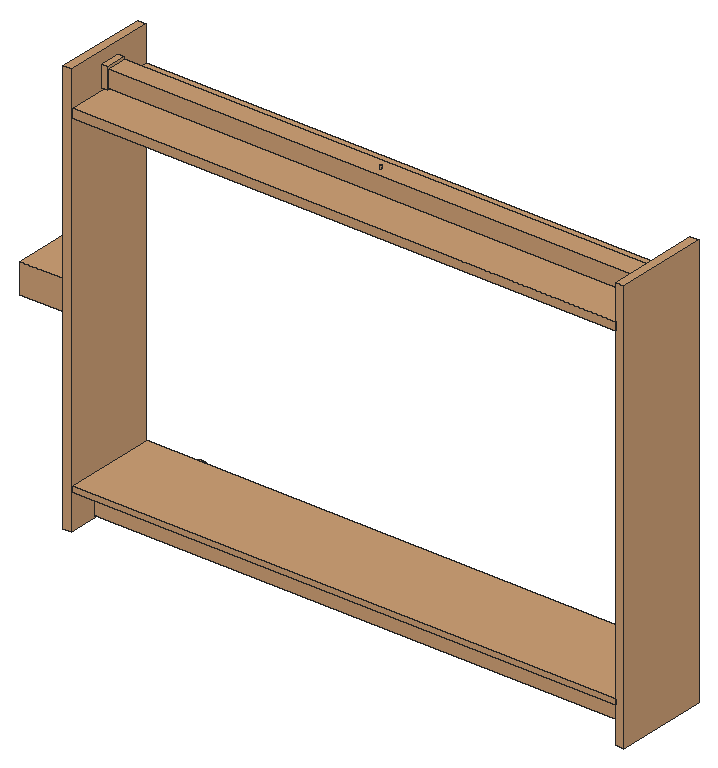
Revit family
Parameters
  Center of Unit = 0' - 0"  # constant formula
  Total Heating Capacity [instance] = 0.0 Btu/h
  Series = "VIFB"
  Outlet Area = 69.60 SF
  Lower Frame Thickness = if(Headers Height = 0' 3", 0' 1 1/4", if(Headers Height = 0' 3 1/4", 0' 1 1/4", 0' 0"))  # 0' - 1 1/4"
  Water Pressure Drop [instance] = 0.00 psi
  Water Flow [instance] = 0 GPM
  Unit Weight (lbs) = 1798
  URL = "http://www.ljwing.com/"
  Water Outlet Radius = 0' - 1 1/2"
  Headers Height = if(M = 0' 1", 0' 3", if(M = 0' 1 1/2", 0' 3 1/4", 0' 0"))  # 0' - 3 1/4"
  Number of Rows = 2  # constant formula
  Number of Coils [instance] = 0
  Nominal Length = 11' - 0 5/8"
  N = 1' - 0 3/4"
  Model = "VE-12W"
  Manufacturer = "LJ Wing"
  M = 0' - 1 1/2"
  Leaving Water Temperature [instance] = 0 °F
  Leaving Air Temperature [instance] = 0 °F
  Entering Water Temperature [instance] = 0 °F
  Entering Air Temperature [instance] = 0 °F
  Description = "Vertical Integral Face & Bypass Water Heating Coils"
  Hot Water Inlet  Radius = 0' - 1 1/2"
  Coil Face Area = Outlet Area * 0.56  # 38.976 SF
  Casing Material = ""
  Assembly Code = "D3020300"
  Air Vent Radius = 0' - 0 1/4"
  Air Pressure Drop [instance] = 0.00 in-wg
  Air Inlet Width = Nominal Length - 0' 4"  # 10' - 8 5/8"
  Air Inlet Height = Y  # 6' - 6"
  Air Flow [instance] = 0 CFM
  Y = 6' - 6"
  S = 0' - 9 3/4"  # constant formula
  Product URL = "http://www.ljwing.com/html/vifb.asp"
  OmniClass = "23-75 70 21 14 "
  Nominal Height = 8' - 2"
  Nominal Depth = 1' - 10"
  R = 0' - 10 1/4"  # constant formula
  Q = 0' - 3 5/16"
Reference planes (in)
  plane 1 "Center (Front/Back)": y = 0
  plane 2: z = -39
  plane 3 "Center (Left/Right)": x = 0
  plane 4: z = 49.25
  plane 5: x = -66.3125
  plane 6: x = 66.3125
  plane 7: z = -48.75
  plane 8: z = 0
  plane 9: y = -11
  plane 10: y = 11
  plane 11: z = 39
  plane 12: z = 41
  plane 13: z = -40.25
  plane 14: x = 64.3125
  plane 15: x = -64.3125
  plane 16: x = -63
  plane 17: x = 63
  plane 18: y = 14.0625
  plane 19: x = -77.3125
  plane 20: z = 46.125
  plane 21: z = 42.125
  plane 22: y = -2.5
  plane 23: y = 2.5
  plane 24: y = -4.5
  plane 25: z = -46.375
  plane 26: x = -53.5625
  plane 27: x = 53.5625
  plane 28: z = -42.375
Forms (in)
  Extrusion 1, solid, material "Painted Finish"
    sketch origin (0, 6, -9.75) x (1, 0, 0) y (0, 0, 1)
      loop
        line (-66.3125, -39) -> (-64.3125, -39) -> (-64.3125, 59) -> (-66.3125, 59) -> (-66.3125, -39)
      loop
        line (66.3125, -39) -> (66.3125, 59) -> (64.3125, 59) -> (64.3125, -39) -> (66.3125, -39)
    from -5 to 17
  Extrusion 2, solid, material "Painted Finish"
    sketch origin (0, 6, 0) x (1, 0, 0) y (0, 0, 1)
      loop
        line (64.3125, -39) -> (-64.3125, -39) -> (-64.3125, -40.25) -> (64.3125, -40.25) -> (64.3125, -39)
      loop
        line (64.3125, 39) -> (64.3125, 41) -> (-64.3125, 41) -> (-64.3125, 39) -> (64.3125, 39)
    from -5 to 17
  Extrusion 3, solid, material "Painted Finish"
    sketch origin (0, 10, -0.5) x (1, 0, 0) y (0, 0, 1)
      loop
        line (-66.3125, 4) -> (-77.3125, 4) -> (-77.3125, -3) -> (-66.3125, -3) -> (-66.3125, 4)
    from 0 to 20
  Extrusion 4, solid, material "Painted Finish"
    sketch origin (0, 6, 0) x (1, 0, 0) y (0, 0, 1)
      loop
        line (-62.6875, 46.125) -> (-62.6875, 42.125) -> (62.6875, 42.125) -> (62.6875, 46.125) -> (-62.6875, 46.125)
    from 3.5 to 8.5
  Extrusion 5, solid, material "Painted Finish"
    sketch origin (0, 0, 0) x (1, 0, 0) y (0, 0, 1)
      loop
        line (-62.6875, 41.625) -> (-62.6875, 46.625) -> (-64.3125, 46.625) -> (-64.3125, 41.625) -> (-62.6875, 41.625)
      loop
        line (64.3125, 41.625) -> (64.3125, 46.625) -> (62.6875, 46.625) -> (62.6875, 41.625) -> (64.3125, 41.625)
    from -2.5 to 2.5
  Extrusion 6, solid, material "Painted Finish"
    sketch origin (0, 6, 0) x (1, 0, 0) y (0, 0, 1)
      loop
        line (-63.8125, -40.75) -> (-63.8125, -40.5) -> (-64.3125, -40.5) -> (-64.3125, -44.25) -> (-63.8125, -44.25) -> (-63.8125, -44) -> (63.8125, -44) -> (63.8125, -44.25) -> (64.3125, -44.25) -> (64.3125, -40.5) -> (63.8125, -40.5) -> (63.8125, -40.75) -> (-63.8125, -40.75)
      loop
        line (63.8125, -48) -> (63.8125, -48.125) -> (64.3125, -48.125) -> (64.3125, -44.5) -> (63.8125, -44.5) -> (63.8125, -44.75) -> (-63.8125, -44.75) -> (-63.8125, -44.5) -> (-64.3125, -44.5) -> (-64.3125, -48.25) -> (-63.8125, -48.25) -> (-63.8125, -48) -> (63.8125, -48)
    from -5 to 10.5
  Extrusion 7, void
    sketch origin (0, 0, 0) x (1, 0, 0) y (0, 0, 1)
      loop
        line (-64.3125, 39) -> (-64.3125, -39) -> (64.3125, -39) -> (64.3125, 39) -> (-64.3125, 39)
    from -11 to 11
  Extrusion 8, solid, material "Painted Finish"
    sketch origin (0, 0, 0) x (1, 0, 0) y (0, 0, 1)
      loop
        circle (53.5625, -46.375) r 1.5
      loop
        circle (-53.5625, -42.375) r 1.5
    from -14.0625 to -11
  Extrusion 9, solid, material "Painted Finish"
    sketch origin (0, 0, 0) x (1, 0, 0) y (0, 1, 0)
      loop
        circle (0, 0) r 0.25
    from 46.125 to 46.625
Cuts and joins
  Extrusion 7 cuts Extrusion 1
  Extrusion 7 cuts Extrusion 2
Dimensions and locks (in)
  "Nominal Length": plane 6 to plane 5
  equal spacing: plane 6, plane 3 "Center (Left/Right)", plane 5
  "S": plane 2 to plane 7
  "Nominal Depth": plane 10 to plane 9
  equal spacing: plane 10, plane 1 "Center (Front/Back)", plane 9
  "Y": plane 11 to plane 2
  "R": plane 4 to plane 11
  locked: plane 12 to plane 11 at 2
  "Lower Frame Thickness": plane 2 to plane 13
  "Q": plane 16 to plane 5
  "Q": plane 6 to plane 17
  locked: plane 18 to plane 10 at 3.0625
  locked: plane 5 to plane 19 at 11
  locked: Extrusion 3 sketch curve to Extrusion 3 sketch curve at 7
  locked: Extrusion 3 to Extrusion 3 at 20
  locked: plane 6 to plane 14 at 2
  locked: plane 15 to plane 5 at 2
  locked: Extrusion 5 sketch curve to plane 20 at 0.5
  locked: plane 21 to Extrusion 5 sketch curve at 0.5
  locked: plane 20 to plane 21 at 4
  locked: plane 23 to plane 22 at 5
  equal spacing: plane 23, plane 1 "Center (Front/Back)", plane 22
  locked: plane 22 to plane 24 at 2
  plane 4 to plane 7 = 8' - 2"
  locked: Extrusion 5 sketch curve to Extrusion 1 at 1.625
  locked: Extrusion 5 sketch curve to Extrusion 5 sketch curve at 1.625
  locked: Extrusion 7 sketch curve to plane 11 at 0
  locked: Extrusion 7 sketch curve to plane 15 at 0
  locked: Extrusion 7 sketch curve to plane 14 at 0
  locked: plane 15 to Extrusion 6 sketch curve at 0.5
  locked: Extrusion 6 sketch curve to Extrusion 6 sketch curve at 0.25  (x2)
  locked: plane 25 to plane 7 at 2.375
  "N": plane 26 to plane 5
  "N": plane 6 to plane 27
  locked: plane 28 to plane 7 at 6.375
  "Headers Height": Extrusion 6 sketch curve to Extrusion 6 sketch curve  (x2)
  locked: Extrusion 8 sketch curve to plane 25 at 0
  locked: Extrusion 8 sketch curve to plane 28 at 0
  locked: Extrusion 9 sketch curve to plane 1 "Center (Front/Back)" at 0
  locked: Extrusion 9 sketch curve to plane 3 "Center (Left/Right)" at 0
  equal spacing: Extrusion 6 sketch curve, plane 28, Extrusion 6 sketch curve
  equal spacing: Extrusion 6 sketch curve, plane 25, Extrusion 6 sketch curve
  locked: plane 4 to plane 20 at 3.125
  locked: Extrusion 7 sketch curve to plane 2 at 0
  equal spacing: plane 11, plane 8, plane 2
  locked: Extrusion 8 sketch curve to plane 27 at 0
  locked: Extrusion 8 sketch curve to plane 26 at 0
  "M": radius of Extrusion 8 sketch curve  (x2)
  "Air Vent Radius": radius of Extrusion 9 sketch curve
  aligned and locked: Extrusion 1 to plane 9
  aligned and locked: Extrusion 1 to plane 10
  aligned and locked: Extrusion 1 to plane 15
  aligned and locked: Extrusion 1 to plane 14
  aligned and locked: Extrusion 2 to plane 9
  aligned and locked: plane 9 to Extrusion 1
  aligned and locked: plane 10 to Extrusion 1  (x2)
  aligned and locked: Extrusion 2 to plane 10
  aligned and locked: plane 10 to Extrusion 2  (x2)
  aligned and locked: plane 9 to Extrusion 2  (x2)
  aligned and locked: plane 5 to Extrusion 3
  aligned and locked: Extrusion 5 sketch curve to plane 15
  aligned and locked: Extrusion 5 sketch curve to Extrusion 4
  aligned and locked: Extrusion 1 to Extrusion 6
  aligned and locked: plane 22 to Extrusion 5
  aligned and locked: Extrusion 5 to Extrusion 4  (x2)
  aligned and locked: Extrusion 5 to plane 23
  aligned and locked: Extrusion 6 to plane 24
  aligned and locked: Extrusion 4 to Extrusion 5  (x2)
  aligned and locked: Extrusion 5 to Extrusion 1  (x2)
  aligned and locked: Extrusion 1 to Extrusion 7  (x2)
  aligned and locked: plane 18 to Extrusion 8
  aligned and locked: Extrusion 8 to plane 10
  aligned and locked: plane 20 to Extrusion 9
  aligned and locked: Extrusion 9 to Extrusion 5
  aligned and locked: plane 2 to cut or joined group of Extrusion 2, Extrusion 7
  aligned and locked: Extrusion 1 sketch curve to plane 6
  aligned and locked: Extrusion 1 sketch curve to plane 14
  aligned and locked: Extrusion 1 sketch curve to plane 15
  aligned and locked: Extrusion 1 sketch curve to plane 5
  aligned and locked: plane 4 to Extrusion 1 sketch curve
  aligned and locked: Extrusion 1 sketch curve to plane 4
  aligned and locked: plane 7 to Extrusion 1 sketch curve
  aligned and locked: Extrusion 1 sketch curve to plane 7
  aligned and locked: Extrusion 2 sketch curve to plane 11
  aligned and locked: Extrusion 2 sketch curve to plane 12
  aligned and locked: plane 2 to Extrusion 2 sketch curve
  aligned and locked: Extrusion 2 sketch curve to plane 13
  aligned and locked: plane 14 to Extrusion 2 sketch curve
  aligned and locked: plane 15 to Extrusion 2 sketch curve
  aligned and locked: Extrusion 2 sketch curve to plane 15
  aligned and locked: Extrusion 2 sketch curve to plane 14
  aligned and locked: Extrusion 4 sketch curve to plane 20
  aligned and locked: Extrusion 4 sketch curve to plane 21
  aligned and locked: plane 14 to Extrusion 6 sketch curve  (x2)
  aligned and locked: Extrusion 6 sketch curve to plane 15  (x2)
Automatic sketch dimensions
  Extrusion 3 sketch curve to plane 19 = 0' - 0"
  Extrusion 3 sketch curve to plane 5 = 0' - 0"
  plane 8 to Extrusion 3 sketch curve = 0' - 3 1/2"
  plane 16 to Extrusion 4 sketch curve = 0' - 0 5/16"
  Extrusion 4 sketch curve to plane 17 = 0' - 0 5/16"
  plane 21 to Extrusion 5 sketch curve = 0' - 0 1/2"
  Extrusion 5 sketch curve to plane 20 = 0' - 0 1/2"
  plane 15 to Extrusion 6 sketch curve = 0' - 0 1/2"  (x2)
  Extrusion 6 sketch curve to Extrusion 6 sketch curve = 0' - 0 1/4"  (x5)
  Extrusion 6 sketch curve to Extrusion 6 sketch curve = 0' - 0"  (x2)
  Extrusion 6 sketch curve to plane 14 = 0' - 0 1/2"  (x2)
  Extrusion 6 sketch curve to Extrusion 6 sketch curve = 0' - 0 1/2"
  Extrusion 6 sketch curve to plane 7 = 0' - 0 5/8"
Connectors (in)
  hvac at (0, -11, 0), driven by "Air Inlet Height", driven by "Air Inlet Width", driven by "Air Flow", driven by "Air Pressure Drop"
    settings: on Extrusion 7, index 1
  hvac at (0, 11, 0), driven by "Air Pressure Drop", driven by "Air Inlet Height", driven by "Air Inlet Width", driven by "Air Flow"
    settings: on Extrusion 7, index 2
  piping at (-53.5625, 14.0625, -42.375), driven by "M", driven by "Water Flow", driven by "Water Pressure Drop"
    settings: on Extrusion 8, index 4
  piping at (53.5625, 14.0625, -46.375), driven by "Water Pressure Drop", driven by "Water Flow", driven by "M"
    settings: on Extrusion 8, index 5
